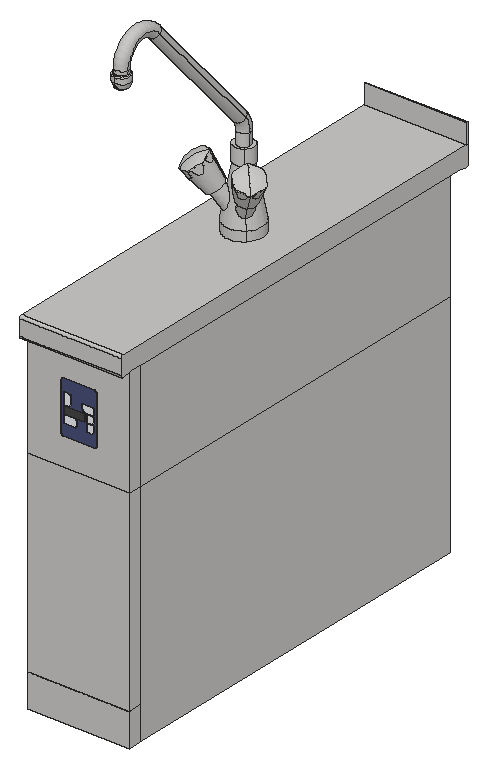
Revit family "QF_ELECTROLUXPROFESSIONAL_588597_MBMAGBB3BO", category Attrezzature speciali, Revit 2020
Family settings
  Quota connettore circolare = Usa diametro
  Tipo di parte = Normale
  Basato su piano di lavoro = No
  Sempre verticale = Sì
  Taglio con vuoti quando caricato = No
  Condiviso = No
  Punto di calcolo locali = No
Parameters (values of type "Standard")
  Weight = 26.00 kg
  Watts = 100 W
  Volts = 230 V
  URL Manufacturer = "https://www.electroluxprofessional.com/"
  URL = "https://www.electroluxprofessional.com/"
  Steam Supply Size = 0"
  Steam Supply Minimum Pressure = 0.00 psi
  Steam Supply Maximum Pressure = 0.00 psi
  Steam Consumption per Hour = 0
  Refrigeration Suction Line Size = 0 mm
  Refrigeration Liquid Line Size = 0 mm
  Refrigerant Compressor Remote = yes
  Prospetto di default = 0 mm
  Phase = 1
  Modello = "MBMAGBB3BO"
  Produttore = "Electrolux Professional"
  Length Actual = 200 mm  # constant formula
  Item Number = "588597"
  Hot Water Size = 3/4"
  Height Actual = 700 mm  # constant formula
  HP = "0.1 HP"
  Gas Size = 0"
  Gas KW = 0
  Gas Input Pressure = 0.0 Btu/h
  Direct Waste Size = 0"
  Descrizione = "WATER MIXING TAP,AUTOM,1S,BS,200X850X700"
  Depth Actual = 850 mm  # constant formula
  Cycle = 50 Hz
  Condensate Return Size = 0"
  Compressed Air Volume = 0 GPM
  Compressed Air Size = 0"
  Compressed Air Pressure = 0.00 psi
  Cold Water Size = 3/4"
  Accessory = yes
Reference planes
  plane 1 "BACK": y = 50
  plane 2: z = 0
  plane 3 "LEFT": x = 0
  plane 4 "RIGHT": x = 200
  plane 5 "FRONT": y = -800
  plane 6 "TOP": z = 900
  plane 7 "Center (Left/Right)": x = 100
  plane 8: y = -375
  plane 9 "Base": z = 200
  plane 10: y = -150
  plane 11 "Panel": y = -755
  plane 12: z = 1375
  plane 13: x = 78
  plane 14: y = -100
  plane 15: y = -600
  plane 16 "HWCWx": x = 145
  plane 17 "HWCWy": y = -423
  plane 18: z = 1285
  plane 19: y = -416.65
  plane 20: y = -429.35
  plane 21 "EIx": x = 155
  plane 22 "EIy": y = -585
Forms (mm)
  Extrusion 1, solid, material "QF_Finishes_Stainless Steel"
    sketch origin (-178.969, -4572, 200) x (-1, 0, 0) y (0, -1, 0)
      loop
        line (-178.969, -4577) -> (-178.969, -3817) -> (-378.969, -3817) -> (-378.969, -4577) -> (-178.969, -4577)
    from 450 to 662.969
  Extrusion 2, solid, material "QF_Finishes_Stainless Steel"
    sketch origin (0, 0, 0) x (0, 1, 0) y (0, 0, 1)
      loop
        line (-755, 200) -> (-755, 265) -> (-780, 265) -> (-780, 200) -> (-755, 200)
    from 0 to 200
  Extrusion 3, solid, material "QF_Finishes_Stainless Steel"
    sketch origin (100, 296.4, 1219.2) x (0, 1, 0) y (0, 0, 1)
      loop
        line (-246.4, -319.2) -> (-1091.4, -319.2)
        arc (-1091.4, -319.2) -> (-1094.935, -320.664) -> (-1096.4, -324.2) r 5
        line (-1096.4, -324.2) -> (-1096.4, -355.2)
        arc (-1096.4, -355.2) -> (-1094.971, -358.264) -> (-1091.705, -359.139) r 4
        line (-1091.705, -359.139) -> (-1076.4, -356.231) -> (-266.4, -356.231) -> (-251.094, -359.139)
        arc (-251.094, -359.139) -> (-247.829, -358.264) -> (-246.4, -355.2) r 4
        line (-246.4, -355.2) -> (-246.4, -319.2)
    from -100 to 100
  Extrusion 4, solid, material "QF_Finishes_Stainless Steel"
    sketch origin (-178.969, -4572, 200) x (-1, 0, 0) y (0, -1, 0)
      loop
        line (-178.969, -4577) -> (-178.969, -3817) -> (-378.969, -3817) -> (-378.969, -4577) -> (-178.969, -4577)
    from 450 to 0
  Extrusion 5, solid, material "QF_Finishes_Stainless Steel"
    sketch origin (400, 296.4, 1219.2) x (0, 1, 0) y (0, 0, 1)
      loop
        line (-249.4, -319.2) -> (-246.4, -319.2) -> (-246.4, -281.2) -> (-249.4, -281.2) -> (-249.4, -319.2)
    from -400 to -200
  Extrusion 6, solid, material "QF_Finishes_Stainless Steel"
    sketch origin (0, 0, 0) x (0, 1, 0) y (0, 0, 1)
      loop
        line (-755, 650) -> (-755, 862.969) -> (-780, 862.969) -> (-780, 650) -> (-755, 650)
    from 0 to 200
  Extrusion 7, solid, material "QF_Finishes_Stainless Steel"
    sketch origin (0, 0, 0) x (0, 1, 0) y (0, 0, 1)
      loop
        line (-755, 650) -> (-780, 650) -> (-780, 265) -> (-755, 265) -> (-755, 650)
    from 0 to 200
  Extrusion 8, solid, material "QF_Finishes_Stainless Steel"
    sketch origin (-178.969, -4572, 200) x (-1, 0, 0) y (0, -1, 0)
      loop
        circle (-323.969, -4155.35) r 6.35
    from 0 to -12
  Extrusion 9, solid, material "QF_Finishes_Stainless Steel"
    sketch origin (-176.398, -4574.007, 200) x (-1, 0, 0) y (0, -1, 0)
      loop
        circle (-321.398, -4144.657) r 6.35
    from 0 to -12
  Extrusion 10, void
    sketch origin (0, -755, 0) x (-1, 0, 0) y (0, 0, 1)
      loop
        line (-129.995, 704.325) -> (-70.005, 704.325)
        arc (-70.005, 704.325) -> (-66.47, 705.789) -> (-65.006, 709.324) r 4.999
        line (-65.006, 709.324) -> (-64.991, 801.323)
        arc (-64.991, 801.323) -> (-66.469, 804.858) -> (-70.005, 806.323) r 5
        line (-70.005, 806.323) -> (-129.995, 806.323)
        arc (-129.995, 806.323) -> (-133.531, 804.858) -> (-134.995, 801.323) r 5
        line (-134.995, 801.323) -> (-135.009, 709.324)
        arc (-135.009, 709.324) -> (-133.53, 705.789) -> (-129.995, 704.325) r 4.999
    from -23 to -25
  Extrusion 11, solid, material "QF_Finishes_Black"
    sketch origin (0, -755, 0) x (-1, 0, 0) y (0, 0, 1)
      loop
        line (-70.255, 757.823) -> (-111.255, 757.823) -> (-111.255, 743.823) -> (-70.255, 743.823) -> (-70.255, 757.823)
    from -23 to -25
  Extrusion 12, solid, material "QF_Finishes_White"
    sketch origin (0, -755, 0) x (-1, 0, 0) y (0, 0, 1)
      loop
        line (-71.505, 781.793) -> (-82.505, 781.793)
        arc (-82.505, 781.793) -> (-83.919, 781.207) -> (-84.505, 779.793) r 2
        line (-84.505, 779.793) -> (-84.505, 766.293)
        arc (-84.505, 766.293) -> (-82.601, 761.697) -> (-78.005, 759.793) r 6.5
        line (-78.005, 759.793) -> (-71.505, 759.793)
        arc (-71.505, 759.793) -> (-70.091, 760.379) -> (-69.505, 761.793) r 2
        line (-69.505, 761.793) -> (-69.505, 779.793)
        arc (-69.505, 779.793) -> (-70.091, 781.207) -> (-71.505, 781.793) r 2
      loop
        line (-106.505, 766.295) -> (-106.505, 772.795)
        arc (-106.505, 772.795) -> (-107.09, 774.209) -> (-108.505, 774.795) r 2
        line (-108.505, 774.795) -> (-127.505, 774.795)
        arc (-127.505, 774.795) -> (-128.919, 774.209) -> (-129.505, 772.795) r 2
        line (-129.505, 772.795) -> (-129.505, 761.795)
        arc (-129.505, 761.795) -> (-128.919, 760.381) -> (-127.505, 759.795) r 2
        line (-127.505, 759.795) -> (-113.005, 759.795)
        arc (-113.005, 759.795) -> (-108.409, 761.699) -> (-106.505, 766.295) r 6.5
      loop
        arc (-127.505, 758.323) -> (-128.919, 757.737) -> (-129.505, 756.323) r 2
        line (-129.505, 756.323) -> (-129.505, 749.823)
        arc (-129.505, 749.823) -> (-127.546, 745.424) -> (-123.005, 743.823) r 6.09
        line (-123.005, 743.823) -> (-116.505, 743.823)
        arc (-116.505, 743.823) -> (-115.153, 744.104) -> (-114.505, 745.323) r 1.627
        line (-114.505, 745.323) -> (-114.505, 756.323)
        arc (-114.505, 756.323) -> (-115.09, 757.737) -> (-116.505, 758.323) r 2
        line (-116.505, 758.323) -> (-127.505, 758.323)
      loop
        arc (-72.005, 727.323) -> (-70.591, 727.909) -> (-70.005, 729.323) r 2
        line (-70.005, 729.323) -> (-70.005, 740.323)
        arc (-70.005, 740.323) -> (-70.591, 741.737) -> (-72.005, 742.323) r 2
        line (-72.005, 742.323) -> (-92.835, 742.323)
        arc (-92.835, 742.323) -> (-94.249, 741.737) -> (-94.835, 740.323) r 2
        line (-94.835, 740.323) -> (-94.835, 729.323)
        arc (-94.835, 729.323) -> (-94.249, 727.909) -> (-92.835, 727.323) r 2
        line (-92.835, 727.323) -> (-72.005, 727.323)
      loop
        arc (-116.505, 727.323) -> (-115.09, 727.909) -> (-114.505, 729.323) r 2
        line (-114.505, 729.323) -> (-114.505, 740.323)
        arc (-114.505, 740.323) -> (-115.09, 741.737) -> (-116.505, 742.323) r 2
        line (-116.505, 742.323) -> (-127.505, 742.323)
        arc (-127.505, 742.323) -> (-128.919, 741.737) -> (-129.505, 740.323) r 2
        line (-129.505, 740.323) -> (-129.505, 733.823)
        arc (-129.505, 733.823) -> (-127.601, 729.227) -> (-123.005, 727.323) r 6.5
        line (-123.005, 727.323) -> (-116.505, 727.323)
    from -23 to -25
  Extrusion 13, solid, material "QF_Finishes_Electrolux_Royal Blue Illuminated"
    sketch origin (0, -755, 0) x (-1, 0, 0) y (0, 0, 1)
      loop
        line (-70.005, 806.323) -> (-129.995, 806.323)
        arc (-129.995, 806.323) -> (-133.531, 804.858) -> (-134.995, 801.323) r 5
        line (-134.995, 801.323) -> (-135.009, 709.324)
        arc (-135.009, 709.324) -> (-133.53, 705.789) -> (-129.995, 704.325) r 4.999
        line (-129.995, 704.325) -> (-70.005, 704.325)
        arc (-70.005, 704.325) -> (-66.47, 705.789) -> (-65.006, 709.324) r 4.999
        line (-65.006, 709.324) -> (-64.991, 801.323)
        arc (-64.991, 801.323) -> (-66.469, 804.858) -> (-70.005, 806.323) r 5
      loop
        line (-71.505, 781.793) -> (-82.505, 781.793)
        arc (-82.505, 781.793) -> (-83.919, 781.207) -> (-84.505, 779.793) r 2
        line (-84.505, 779.793) -> (-84.505, 766.293)
        arc (-84.505, 766.293) -> (-82.601, 761.697) -> (-78.005, 759.793) r 6.5
        line (-78.005, 759.793) -> (-71.505, 759.793)
        arc (-71.505, 759.793) -> (-70.091, 760.379) -> (-69.505, 761.793) r 2
        line (-69.505, 761.793) -> (-69.505, 779.793)
        arc (-69.505, 779.793) -> (-70.091, 781.207) -> (-71.505, 781.793) r 2
      loop
        line (-106.505, 766.295) -> (-106.505, 772.795)
        arc (-106.505, 772.795) -> (-107.09, 774.209) -> (-108.505, 774.795) r 2
        line (-108.505, 774.795) -> (-127.505, 774.795)
        arc (-127.505, 774.795) -> (-128.919, 774.209) -> (-129.505, 772.795) r 2
        line (-129.505, 772.795) -> (-129.505, 761.795)
        arc (-129.505, 761.795) -> (-128.919, 760.381) -> (-127.505, 759.795) r 2
        line (-127.505, 759.795) -> (-113.005, 759.795)
        arc (-113.005, 759.795) -> (-108.409, 761.699) -> (-106.505, 766.295) r 6.5
      loop
        line (-114.505, 745.323) -> (-114.505, 756.323)
        arc (-114.505, 756.323) -> (-115.09, 757.737) -> (-116.505, 758.323) r 2
        line (-116.505, 758.323) -> (-127.505, 758.323)
        arc (-127.505, 758.323) -> (-128.919, 757.737) -> (-129.505, 756.323) r 2
        line (-129.505, 756.323) -> (-129.505, 749.823)
        arc (-129.505, 749.823) -> (-127.546, 745.424) -> (-123.005, 743.823) r 6.09
        line (-123.005, 743.823) -> (-116.505, 743.823)
        arc (-116.505, 743.823) -> (-115.153, 744.104) -> (-114.505, 745.323) r 1.627
      loop
        line (-111.255, 757.823) -> (-111.255, 743.823) -> (-70.255, 743.823) -> (-70.255, 757.823) -> (-111.255, 757.823)
      loop
        arc (-70.005, 740.323) -> (-70.591, 741.737) -> (-72.005, 742.323) r 2
        line (-72.005, 742.323) -> (-92.835, 742.323)
        arc (-92.835, 742.323) -> (-94.249, 741.737) -> (-94.835, 740.323) r 2
        line (-94.835, 740.323) -> (-94.835, 729.323)
        arc (-94.835, 729.323) -> (-94.249, 727.909) -> (-92.835, 727.323) r 2
        line (-92.835, 727.323) -> (-72.005, 727.323)
        arc (-72.005, 727.323) -> (-70.611, 727.719) -> (-70.005, 729.035) r 1.733
        line (-70.005, 729.035) -> (-70.005, 740.323)
      loop
        line (-114.505, 729.323) -> (-114.505, 740.323)
        arc (-114.505, 740.323) -> (-115.09, 741.737) -> (-116.505, 742.323) r 2
        line (-116.505, 742.323) -> (-127.505, 742.323)
        arc (-127.505, 742.323) -> (-128.919, 741.737) -> (-129.505, 740.323) r 2
        line (-129.505, 740.323) -> (-129.505, 733.823)
        arc (-129.505, 733.823) -> (-127.601, 729.227) -> (-123.005, 727.323) r 6.5
        line (-123.005, 727.323) -> (-116.505, 727.323)
        arc (-116.505, 727.323) -> (-115.09, 727.909) -> (-114.505, 729.323) r 2
    from -23 to -25
  Extrusion 14, solid, material "QF_Finishes_Stainless Steel"
    sketch origin (-178.969, -4572, 200) x (-1, 0, 0) y (0, -1, 0)
      loop
        circle (-333.969, -3987) r 10
    from 0 to -2
Cuts and joins
  Extrusion 10 cuts Extrusion 1
  Extrusion 10 cuts Extrusion 6
Lines and regions (mm)
  symbolic lines
    curve 1: line (0, 50, 200) -> (200, 50, 200)
    curve 2: line (0, -800, 200) -> (0, 50, 200)
    curve 3: line (200, -800, 200) -> (0, -800, 200)
    curve 4: line (200, 50, 200) -> (200, -800, 200)
    curve 5: line (0, 47, 0) -> (200, 47, 0)
Dimensions and locks
  plane 3 "LEFT" to plane 4 "RIGHT" = 200 mm
  plane 5 "FRONT" to plane 1 "BACK" = 850 mm
  equal spacing: plane 3 "LEFT", plane 7 "Center (Left/Right)", plane 4 "RIGHT"
  equal spacing: plane 5 "FRONT", plane 8, plane 1 "BACK"
  plane 6 "TOP" to level = 900 mm  (x2)
  plane 9 "Base" to level = 200 mm
  plane 1 "BACK" to plane 10 to plane 11 "Panel" = 200 mm, 605 mm
  plane 6 "TOP" to plane 9 "Base" to level = 700 mm, 200 mm
  plane 1 "BACK" to plane 5 "FRONT" = 850 mm
  plane 12 to plane 6 "TOP" = 475 mm
  plane 13 to plane 3 "LEFT" = 78 mm
  locked: plane 1 "BACK" to plane 14 at 150
  locked: plane 14 to plane 15 at 500
  plane 11 "Panel" to plane 5 "FRONT" = 45 mm
  plane 16 "HWCWx" to plane 4 "RIGHT" = 55 mm
  plane 17 "HWCWy" to plane 1 "BACK" = 473 mm
  plane 18 to plane 6 "TOP" = 385 mm
  plane 19 to plane 17 "HWCWy" = 6.35 mm
  plane 17 "HWCWy" to plane 20 = 6.35 mm
  plane 22 "EIy" to plane 1 "BACK" = 635 mm
  plane 21 "EIx" to plane 4 "RIGHT" = 45 mm
  aligned and locked: level to plane 2
  aligned and locked: Extrusion 2 to plane 4 "RIGHT"
  aligned and locked: nested 1 to plane 8
Automatic sketch dimensions
  Extrusion 1 sketch curve to plane 4 "RIGHT" = 0 mm
  Extrusion 1 sketch curve to plane 3 "LEFT" = 0 mm
  Extrusion 1 sketch curve to plane 11 "Panel" = 0 mm
  plane 1 "BACK" to Extrusion 1 sketch curve = 45 mm
  Extrusion 2 sketch curve to plane 9 "Base" = 0 mm
  Extrusion 2 sketch curve to plane 11 "Panel" = 0 mm
  Extrusion 2 sketch curve to plane 5 "FRONT" = 20 mm
  plane 9 "Base" to Extrusion 2 sketch curve = 65 mm
  plane 1 "BACK" to curve 1 = 0 mm
  plane 5 "FRONT" to curve 3 = 0 mm
  Extrusion 3 sketch curve to plane 5 "FRONT" = 0 mm
  Extrusion 3 sketch curve to plane 6 "TOP" = 0 mm
  Extrusion 3 sketch curve to plane 1 "BACK" = 0 mm
  Extrusion 3 sketch curve to Extrusion 3 sketch curve = 4 mm
  Extrusion 3 sketch curve to Extrusion 3 sketch curve = 0.695 mm
  Extrusion 3 sketch curve to plane 5 "FRONT" = 5 mm
  Extrusion 3 sketch curve to Extrusion 3 sketch curve = 15.305 mm
  plane 1 "BACK" to Extrusion 3 sketch curve = 20 mm
  plane 1 "BACK" to Extrusion 3 sketch curve = 4.695 mm
  plane 1 "BACK" to Extrusion 3 sketch curve = 4 mm
  Extrusion 3 sketch curve to Extrusion 3 sketch curve = 31 mm
  Extrusion 3 sketch curve to Extrusion 3 sketch curve = 36 mm
  Extrusion 3 sketch curve to Extrusion 3 sketch curve = 2.909 mm
  Extrusion 4 sketch curve to plane 4 "RIGHT" = 0 mm
  Extrusion 4 sketch curve to plane 3 "LEFT" = 0 mm
  Extrusion 4 sketch curve to plane 11 "Panel" = 0 mm
  plane 1 "BACK" to Extrusion 4 sketch curve = 45 mm
  Extrusion 5 sketch curve to plane 6 "TOP" = 0 mm
  Extrusion 5 sketch curve to plane 1 "BACK" = 0 mm
  plane 1 "BACK" to Extrusion 5 sketch curve = 3 mm
  plane 6 "TOP" to Extrusion 5 sketch curve = 38 mm
  Extrusion 6 sketch curve to plane 11 "Panel" = 0 mm
  Extrusion 6 sketch curve to plane 5 "FRONT" = 20 mm
  Extrusion 6 sketch curve to plane 6 "TOP" = 37.031 mm
  Extrusion 7 sketch curve to plane 11 "Panel" = 0 mm
  Extrusion 7 sketch curve to plane 5 "FRONT" = 20 mm
  Extrusion 7 sketch curve to plane 6 "TOP" = 635 mm
  Extrusion 6 sketch curve to Extrusion 6 sketch curve = 212.969 mm
  Extrusion 7 sketch curve to plane 6 "TOP" = 250 mm
  curve 5 to plane 3 "LEFT" = 0 mm
  curve 5 to plane 4 "RIGHT" = 0 mm
  plane 1 "BACK" to curve 5 = 3 mm
  curve 1 to plane 4 "RIGHT" = 0 mm
  curve 3 to plane 3 "LEFT" = 0 mm
  Extrusion 8 sketch curve to plane 16 "HWCWx" = 0 mm
  Extrusion 8 sketch curve to plane 19 = 0 mm
  plane 16 "HWCWx" to Extrusion 9 sketch curve = 0 mm
  plane 20 to Extrusion 9 sketch curve = 0 mm
  plane 7 "Center (Left/Right)" to Extrusion 11 sketch curve = 11.255 mm
  plane 13 to Extrusion 11 sketch curve = 7.745 mm
  Extrusion 11 sketch curve to plane 6 "TOP" = 156.177 mm
  Extrusion 11 sketch curve to Extrusion 11 sketch curve = 14 mm
  plane 13 to Extrusion 12 sketch curve = 6.495 mm
  Extrusion 12 sketch curve to plane 6 "TOP" = 120.207 mm
  Extrusion 12 sketch curve to Extrusion 12 sketch curve = 2 mm  (x14)
  Extrusion 12 sketch curve to Extrusion 12 sketch curve = 13.5 mm
  Extrusion 12 sketch curve to Extrusion 12 sketch curve = 4.5 mm  (x2)
  Extrusion 12 sketch curve to plane 13 = 0.005 mm
  plane 7 "Center (Left/Right)" to Extrusion 12 sketch curve = 6.505 mm
  Extrusion 12 sketch curve to Extrusion 12 sketch curve = 6.5 mm  (x6)
  Extrusion 12 sketch curve to Extrusion 12 sketch curve = 0.002 mm
  Extrusion 12 sketch curve to Extrusion 12 sketch curve = 14.5 mm
  Extrusion 12 sketch curve to Extrusion 12 sketch curve = 3.5 mm  (x2)
  Extrusion 12 sketch curve to Extrusion 12 sketch curve = 1.472 mm
  Extrusion 12 sketch curve to Extrusion 12 sketch curve = 0 mm  (x3)
  Extrusion 12 sketch curve to Extrusion 12 sketch curve = 11 mm
  Extrusion 12 sketch curve to Extrusion 12 sketch curve = 1.624 mm
  Extrusion 12 sketch curve to Extrusion 12 sketch curve = 0.083 mm
  Extrusion 12 sketch curve to Extrusion 12 sketch curve = 0.376 mm
  Extrusion 12 sketch curve to Extrusion 12 sketch curve = 6.089 mm
  Extrusion 12 sketch curve to Extrusion 12 sketch curve = 17.47 mm
  Extrusion 12 sketch curve to plane 7 "Center (Left/Right)" = 7.165 mm
  plane 13 to Extrusion 12 sketch curve = 5.995 mm
  Extrusion 12 sketch curve to Extrusion 12 sketch curve = 13 mm
  plane 16 "HWCWx" to Extrusion 10 sketch curve = 15.005 mm  (x2)
  plane 13 to Extrusion 10 sketch curve = 7.995 mm  (x2)
  Extrusion 10 sketch curve to plane 6 "TOP" = 195.675 mm
  Extrusion 10 sketch curve to Extrusion 10 sketch curve = 4.999 mm  (x2)
  Extrusion 10 sketch curve to Extrusion 10 sketch curve = 91.999 mm
  Extrusion 10 sketch curve to Extrusion 10 sketch curve = 0 mm  (x5)
  Extrusion 10 sketch curve to Extrusion 10 sketch curve = 5 mm
  Extrusion 10 sketch curve to Extrusion 10 sketch curve = 0.014 mm  (x2)
  plane 16 "HWCWx" to Extrusion 13 sketch curve = 15.005 mm  (x2)
  plane 16 "HWCWx" to Extrusion 13 sketch curve = 15.495 mm  (x2)
  Extrusion 13 sketch curve to Extrusion 13 sketch curve = 2 mm  (x11)
  Extrusion 13 sketch curve to Extrusion 13 sketch curve = 0 mm  (x7)
  Extrusion 13 sketch curve to Extrusion 13 sketch curve = 6.089 mm
  Extrusion 13 sketch curve to Extrusion 13 sketch curve = 0.411 mm
  Extrusion 13 sketch curve to Extrusion 13 sketch curve = 6.911 mm
  Extrusion 13 sketch curve to Extrusion 13 sketch curve = 6.5 mm  (x4)
  Extrusion 13 sketch curve to Extrusion 13 sketch curve = 0.376 mm
  Extrusion 13 sketch curve to Extrusion 13 sketch curve = 1.624 mm
  Extrusion 13 sketch curve to Extrusion 13 sketch curve = 3.5 mm  (x2)
  Extrusion 13 sketch curve to Extrusion 13 sketch curve = 1.75 mm
  Extrusion 13 sketch curve to Extrusion 13 sketch curve = 4.5 mm  (x2)
  Extrusion 13 sketch curve to plane 13 = 6.505 mm
  Extrusion 13 sketch curve to plane 13 = 0.005 mm
  plane 13 to Extrusion 13 sketch curve = 5.995 mm
  plane 13 to Extrusion 13 sketch curve = 6.262 mm
  plane 13 to Extrusion 13 sketch curve = 6.495 mm  (x2)
  Extrusion 13 sketch curve to Extrusion 13 sketch curve = 1.25 mm
  plane 13 to Extrusion 13 sketch curve = 7.995 mm  (x2)
  Extrusion 13 sketch curve to plane 6 "TOP" = 195.675 mm
  Extrusion 13 sketch curve to Extrusion 13 sketch curve = 4.999 mm  (x2)
  Extrusion 13 sketch curve to Extrusion 13 sketch curve = 19.712 mm
  Extrusion 13 sketch curve to Extrusion 13 sketch curve = 11.288 mm
  Extrusion 13 sketch curve to Extrusion 13 sketch curve = 1.5 mm  (x3)
  Extrusion 13 sketch curve to Extrusion 13 sketch curve = 6 mm
  Extrusion 13 sketch curve to Extrusion 13 sketch curve = 6.424 mm
  Extrusion 13 sketch curve to Extrusion 13 sketch curve = 1.97 mm
  Extrusion 13 sketch curve to Extrusion 13 sketch curve = 1.472 mm
  Extrusion 13 sketch curve to Extrusion 13 sketch curve = 13.5 mm
  Extrusion 13 sketch curve to Extrusion 13 sketch curve = 19.53 mm
  Extrusion 13 sketch curve to Extrusion 13 sketch curve = 26.528 mm
  Extrusion 13 sketch curve to Extrusion 13 sketch curve = 5 mm
  Extrusion 13 sketch curve to Extrusion 13 sketch curve = 0.014 mm  (x2)
  Extrusion 13 sketch curve to Extrusion 13 sketch curve = 0.267 mm
  Extrusion 13 sketch curve to plane 7 "Center (Left/Right)" = 7.165 mm
  Extrusion 14 sketch curve to plane 21 "EIx" = 0 mm
  Extrusion 14 sketch curve to plane 22 "EIy" = 0 mm
  radius of Extrusion 8 sketch curve = 6.35 mm
  radius of Extrusion 9 sketch curve = 6.35 mm
  radius of Extrusion 14 sketch curve = 10 mm
Nested families
  nested 1: "Rub2manop" at (100, -375, 900), type "Rub2manop"
Connectors
  piping at (145, -416.65, 188), diameter 19.05, driven by "Cold Water Size"
    settings: on Extrusion 8, index 1, connector inside diameter 24", connector length 0 mm, flow factor 0, pipe flow 0 GPM, pressure drop 0.00 psi, fitting loss kfactor 0, connector angle 0.00°, fixture units 0, engagement length 0 mm, angle of deflection 0.00°, flow configuration 1, flow direction 1, fitting loss method 0, system type 19, joint type 0, gender type 0, connector reference index -1, connector utility 0, adjustable connector no, is connector primary yes, connector description "Cold Water Inlet"
  piping at (145, -429.35, 188), diameter 19.05, driven by "Cold Water Size"
    settings: on Extrusion 9, index 2, connector inside diameter 24", connector length 0 mm, flow factor 0, pipe flow 0 GPM, pressure drop 0.00 psi, fitting loss kfactor 0, connector angle 0.00°, fixture units 0, engagement length 0 mm, angle of deflection 0.00°, flow configuration 1, flow direction 1, fitting loss method 0, system type 20, joint type 0, gender type 0, connector reference index -1, connector utility 0, adjustable connector no, is connector primary no, connector description "Cold Water Inlet"
  electrical at (155, -585, 198), driven by "Volts"
    settings: on Extrusion 14, index 3, voltage 230 V, apparent load 0 VA, apparent load phase1 0 VA, apparent load phase2 0 VA, apparent load phase3 0 VA, power factor 1, load classification "Other", number of poles 1, system type 30, power factor state 1, is connector primary yes, connector utility no, sub classification motor no, connector description "Electrical Connection"
Definition of nested family "Rub2manop"
  Parameters
    Default Elevation = 0 mm
  Reference planes
    plane 1 "Center (Front/Back)": y = 0
    plane 2: z = 0
    plane 3 "Center (Left/Right)": x = 0
    plane 4: through (0, -1.816, 19.983) normal (0, 0.829, 0.5592)
    plane 5: through (0, 1.816, 19.983) normal (0, 0.829, -0.5592)
    plane 6: z = 475
    plane 7: z = 385
    plane 8: y = -300
  Forms (mm)
    Revolve 1, solid
      sketch origin (0, 0, 0) x (0.707107, -0.707107, 0) y (0, 0, 1)
        loop
          line (-37.178, 0) -> (0, 0) -> (0, 152.75) -> (-20, 152.75) -> (-20, 122.711) -> (-16.973, 122.711) -> (-37.178, 18.761) -> (-37.178, 0)
        axis (0, 152.75) -> (0, 0)
      angle from 0 to 360
    Sweep 2, solid
      path origin (0, 0, 70) x (0, 1, 0) y (0, 0, 1)
        loop
          line (0, 82.75) -> (0, 107.023)
          arc (0, 107.023) -> (-2.868, 122.832) -> (-11.107, 136.626) r 45
          line (-11.107, 136.626) -> (-221.159, 377.123)
          arc (-221.159, 377.123) -> (-270.846, 389.579) -> (-300, 347.461) r 45
          line (-300, 347.461) -> (-300, 340)
      profile origin (0, 0, 164.887) x (0, -1, 0) y (1, 0, 0)
        loop
          circle (0, 0) r 12.5
    Revolve 3, solid
      sketch origin (0, 49.999, 152.116) x (0, 1, 0) y (0, 0, 1)
        loop
          line (-333.717, 244.264) -> (-333.717, 254.236)
          arc (-333.717, 254.236) -> (-334.434, 255.758) -> (-335.779, 256.77) r 3.5
          line (-335.779, 256.77) -> (-336.499, 257.884) -> (-349.999, 257.884) -> (-349.999, 233.05) -> (-339.2, 233.05)
          arc (-339.2, 233.05) -> (-338.052, 233.411) -> (-337.32, 234.365) r 2
          line (-337.32, 234.365) -> (-333.717, 244.264)
        axis (-349.999, 257.884) -> (-349.999, 233.05)
      angle from 0 to 360
    Revolve 4, solid
      sketch origin (6.565, -6.565, 13.502) x (-0.703233, 0.703233, -0.104528) y (0.073913, -0.073913, -0.994522)
        loop
          line (-12.287, -29.236) -> (-83.426, -114.015)
          arc (-83.426, -114.015) -> (-71.241, -121.894) -> (-57.494, -126.538) r 58.601
          line (-57.494, -126.538) -> (-27.071, -77.85) -> (-30.606, -74.315) -> (-1.681, -39.843) -> (-12.287, -29.236)
        axis (-12.287, -29.236) -> (-83.426, -114.015)
      angle from 0 to 360
    Extrusion 5, void
      sketch origin (-64.308, 64.308, 82.551) x (-0.707107, -0.707107, 0) y (0.586218, -0.586218, -0.559193)
        loop
          line (0, 82.664) -> (25.311, 97.277) -> (25.311, 126.504) -> (0, 141.117) -> (-25.311, 126.504) -> (-25.311, 97.277) -> (0, 82.664)
        loop
          line (-35, 73.481) -> (35, 73.481) -> (35, 150.258) -> (-35, 150.258) -> (-35, 73.481)
      from 99.488 to 151.47
    Revolve 6, solid
      sketch origin (-6.565, -6.565, 13.502) x (0.703233, 0.703233, -0.104528) y (0.073913, 0.073913, 0.994522)
        loop
          line (-12.287, 29.236) -> (-1.681, 39.843) -> (-30.606, 74.315) -> (-27.071, 77.85) -> (-57.494, 126.538)
          arc (-57.494, 126.538) -> (-71.241, 121.894) -> (-83.426, 114.015) r 58.601
          line (-83.426, 114.015) -> (-12.287, 29.236)
        axis (-12.287, 29.236) -> (-83.426, 114.015)
      angle from 0 to 360
    Extrusion 7, void
      sketch origin (64.308, 64.308, 82.551) x (0.707107, -0.707107, 0) y (0.586218, 0.586218, 0.559193)
        loop
          line (0, -82.664) -> (-25.311, -97.277) -> (-25.311, -126.504) -> (0, -141.117) -> (25.311, -126.504) -> (25.311, -97.277) -> (0, -82.664)
        loop
          line (-35, -73.481) -> (-35, -150.258) -> (35, -150.258) -> (35, -73.481) -> (-35, -73.481)
      from 99.488 to 151.47
  Cuts and joins
    Extrusion 5, Extrusion 7 cuts Revolve 4
    Extrusion 7 cuts Revolve 6
    joined: Revolve 1, Revolve 4, Revolve 6
  Lines and regions (mm)
    symbolic lines
      curve 1: arc (-12.5, -300, 0) -> (0, -312.5, 0) -> (12.5, -300, 0) r 12.5
      curve 2: arc (-12.5, -289.567, 0) -> (0, -316.282, 0) -> (12.5, -289.567, 0) r 16.282
      curve 3: line (12.5, -300, 0) -> (12.5, -35, 0)
      curve 4: line (-12.5, -300, 0) -> (-12.5, -36.463, 0)
      curve 5: arc (-12.5, -15.612, 0) -> (0, 20, 0) -> (12.5, -15.612, 0) r 20
      curve 6: arc (-35.645, -10.568, 0) -> (2.287, 37.108, 0) -> (34.078, -14.864, 0) r 37.178
      curve 7: spline (13.228, -34.745, 0) -> (13.239, -35.559, 0) -> (13.288, -36.365, 0) -> (13.374, -37.16, 0) -> (13.497, -37.944, 0) -> (13.657, -38.715, 0) -> (13.855, -39.47, 0) -> (14.088, -40.21, 0) -> (14.358, -40.932, 0) -> (14.663, -41.634, 0) -> (15.002, -42.315, 0) -> (15.376, -42.975, 0) -> (15.782, -43.611, 0)
      curve 8: spline (43.611, -15.782, 0) -> (40.794, -14.303, 0) -> (37.644, -13.445, 0) -> (34.273, -13.239, 0) -> (30.803, -13.693, 0) -> (27.359, -14.79, 0) -> (24.066, -16.49, 0) -> (21.041, -18.733, 0) -> (18.395, -21.437, 0) -> (16.223, -24.505, 0) -> (14.602, -27.827, 0) -> (13.592, -31.282, 0) -> (13.228, -34.745, 0)
      curve 9: line (13.228, -34.745, 0) -> (7.861, -29.378, 0)
      curve 10: line (34.644, -13.493, 0) -> (29.195, -8.044, 0)
      curve 11: arc (29.195, -8.044, 0) -> (15.24, -15.423, 0) -> (7.861, -29.378, 0) r 26.795
      curve 12: line (43.611, -15.782, 0) -> (63.195, -27.4, 0)
      curve 13: line (63.195, -27.4, 0) -> (78.806, -43.011, 0)
      curve 14: line (43.011, -78.806, 0) -> (27.319, -63.114, 0)
      curve 15: line (27.319, -63.114, 0) -> (15.782, -43.611, 0)
      curve 16: line (29.21, -65.005, 0) -> (28.397, -59.939, 0)
      curve 17: line (35.372, -40.158, 0) -> (40.158, -35.372, 0)
      curve 18: line (59.939, -28.397, 0) -> (65.005, -29.21, 0)
      curve 19: line (59.939, -28.397, 0) -> (40.158, -35.372, 0)
      curve 20: line (35.372, -40.158, 0) -> (28.397, -59.939, 0)
      curve 21: line (59.939, -28.397, 0) -> (53.555, -26.199, 0)
      curve 22: line (53.555, -26.199, 0) -> (47.458, -25.233, 0)
      curve 23: arc (47.458, -25.233, 0) -> (42.154, -26.754, 0) -> (39.911, -31.794, 0) r 6.527
      curve 24: line (39.911, -31.794, 0) -> (40.158, -35.372, 0)
      curve 25: line (28.397, -59.939, 0) -> (26.199, -53.555, 0)
      curve 26: line (26.199, -53.555, 0) -> (25.233, -47.458, 0)
      curve 27: arc (25.233, -47.458, 0) -> (26.754, -42.154, 0) -> (31.794, -39.911, 0) r 6.527
      curve 28: line (31.794, -39.911, 0) -> (35.372, -40.158, 0)
      curve 29: line (69.215, -71.475, 0) -> (71.475, -69.215, 0)
      curve 30: arc (78.806, -43.011, 0) -> (77.308, -56.719, 0) -> (71.475, -69.215, 0) r 42.239
      curve 31: arc (43.011, -78.806, 0) -> (56.719, -77.308, 0) -> (69.215, -71.475, 0) r 42.239
      curve 32: spline (-13.228, -34.745, 0) -> (-13.239, -35.559, 0) -> (-13.288, -36.365, 0) -> (-13.374, -37.16, 0) -> (-13.497, -37.944, 0) -> (-13.657, -38.715, 0) -> (-13.855, -39.47, 0) -> (-14.088, -40.21, 0) -> (-14.358, -40.932, 0) -> (-14.663, -41.634, 0) -> (-15.002, -42.315, 0) -> (-15.376, -42.975, 0) -> (-15.782, -43.611, 0)
      curve 33: spline (-43.611, -15.782, 0) -> (-40.794, -14.303, 0) -> (-37.644, -13.445, 0) -> (-34.273, -13.239, 0) -> (-30.803, -13.693, 0) -> (-27.359, -14.79, 0) -> (-24.066, -16.49, 0) -> (-21.041, -18.733, 0) -> (-18.395, -21.437, 0) -> (-16.223, -24.505, 0) -> (-14.602, -27.827, 0) -> (-13.592, -31.282, 0) -> (-13.228, -34.745, 0)
      curve 34: line (-13.228, -34.745, 0) -> (-7.861, -29.378, 0)
      curve 35: line (-34.386, -13.235, 0) -> (-29.195, -8.044, 0)
      curve 36: arc (-29.195, -8.044, 0) -> (-15.24, -15.423, 0) -> (-7.861, -29.378, 0) r 26.795
      curve 37: line (-43.611, -15.782, 0) -> (-63.195, -27.4, 0)
      curve 38: line (-63.195, -27.4, 0) -> (-78.806, -43.011, 0)
      curve 39: line (-43.011, -78.806, 0) -> (-27.319, -63.114, 0)
      curve 40: line (-27.319, -63.114, 0) -> (-15.782, -43.611, 0)
      curve 41: line (-29.21, -65.005, 0) -> (-28.397, -59.939, 0)
      curve 42: line (-35.372, -40.158, 0) -> (-40.158, -35.372, 0)
      curve 43: line (-59.939, -28.397, 0) -> (-65.005, -29.21, 0)
      curve 44: line (-59.939, -28.397, 0) -> (-40.158, -35.372, 0)
      curve 45: line (-35.372, -40.158, 0) -> (-28.397, -59.939, 0)
      curve 46: line (-59.939, -28.397, 0) -> (-53.555, -26.199, 0)
      curve 47: line (-53.555, -26.199, 0) -> (-47.458, -25.233, 0)
      curve 48: arc (-47.458, -25.233, 0) -> (-42.154, -26.754, 0) -> (-39.911, -31.794, 0) r 6.527
      curve 49: line (-39.911, -31.794, 0) -> (-40.158, -35.372, 0)
      curve 50: line (-28.397, -59.939, 0) -> (-26.199, -53.555, 0)
      curve 51: line (-26.199, -53.555, 0) -> (-25.233, -47.458, 0)
      curve 52: arc (-25.233, -47.458, 0) -> (-26.754, -42.154, 0) -> (-31.794, -39.911, 0) r 6.527
      curve 53: line (-31.794, -39.911, 0) -> (-35.372, -40.158, 0)
      curve 54: line (-69.215, -71.475, 0) -> (-71.475, -69.215, 0)
      curve 55: arc (-78.806, -43.011, 0) -> (-77.308, -56.719, 0) -> (-71.475, -69.215, 0) r 42.239
      curve 56: arc (-43.011, -78.806, 0) -> (-56.719, -77.308, 0) -> (-69.215, -71.475, 0) r 42.239
      curve 57: spline (12.5, -221.159, 0) -> (12.074, -218.727, 0) -> (10.825, -216.459, 0) -> (8.839, -214.513, 0) -> (6.25, -213.019, 0) -> (3.235, -212.08, 0) -> (0, -211.759, 0) -> (-3.235, -212.08, 0) -> (-6.25, -213.019, 0) -> (-8.839, -214.513, 0) -> (-10.825, -216.459, 0) -> (-12.074, -218.727, 0) -> (-12.5, -221.159, 0)
      curve 58: arc (-12.5, 0, 0) -> (0, 12.5, 0) -> (12.5, 0, 0) r 12.5
      curve 59: arc (-12.001, -12.001, 0) -> (0, 16.973, 0) -> (12.001, -12.001, 0) r 16.973
      curve 60: line (-12.5, -18.633, 0) -> (-12.5, 0, 0)
      curve 61: line (12.5, -18.633, 0) -> (12.5, 0, 0)
  Dimensions and locks
    plane 7 to level = 385 mm
    plane 6 to level = 475 mm
    plane 1 "Center (Front/Back)" to plane 8 = 300 mm
    aligned and locked: level to plane 2
